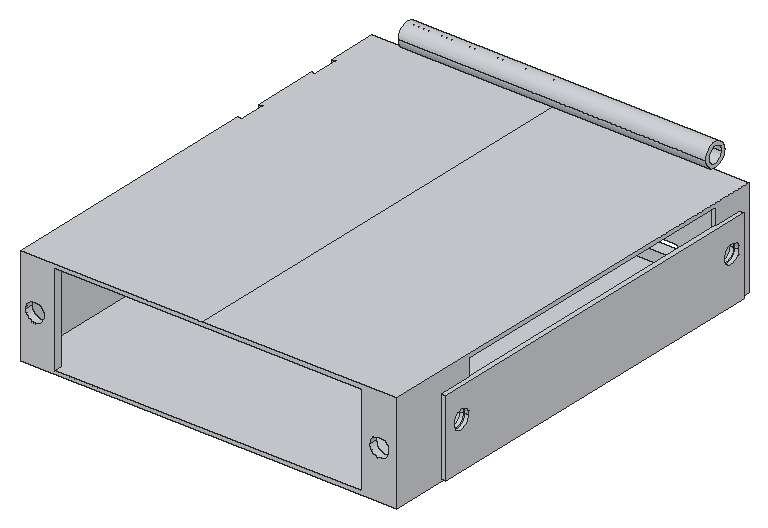
Revit family
Parameters
  Material ID = "760172288"
  Description = "PMB-EMT-BK/2P-PNL"
Reference planes (in)
  plane 1 "Center (Front/Back)": y = 0
  plane 2: z = 0
  plane 3 "Center (Left/Right)": x = 0
Forms (in)
  Extrusion 1, solid, not visible
    sketch origin (0, -14.305, 0) x (1, 0, 0) y (0, 0, 1)
      loop
        line (-8.5516, 0.86) -> (-8.5516, 0.46) -> (-7.9516, 0.46) -> (-7.9516, 0.86) -> (-8.5516, 0.86)
    from 0 to 0.77696
  Extrusion 2, solid
    sketch origin (0, 0, 0) x (1, 0, 0) y (0, 0, 1)
      loop
        line (0, 0.676) -> (-2.474, 0.676) -> (-2.474, -0.676) -> (2.656, -0.676) -> (2.656, 0.676) -> (0, 0.676)
    from 0 to 6
  Extrusion 3, void
    sketch origin (0, 0, 0) x (1, 0, 0) y (0, 0, 1)
      loop
        line (-2.424, 0.626) -> (-2.424, -0.626) -> (2.606, -0.626) -> (2.606, 0.626) -> (-2.424, 0.626)
    from 0.1775 to 5.89614
  Extrusion 4, void
    sketch origin (0, 0, 0) x (1, 0, 0) y (0, 0, 1)
      loop
        line (-2.006, 0.626) -> (-2.006, -0.626) -> (2.188, -0.626) -> (2.188, 0.626) -> (-2.006, 0.626)
    from 0.1775 to 12
  Extrusion 5, void
    sketch origin (0, 0, 0) x (0, 1, 0) y (0, 0, 1)
      loop
        line (-4.757, 0.626) -> (-4.757, -0.626) -> (-0.56, -0.626) -> (-0.56, 0.626) -> (-4.757, 0.626)
    from 0 to 12
  Extrusion 6, void
    sketch origin (0, 0, 0) x (1, 0, 0) y (0, 0, 1)
      loop
        circle (-2.27133, -0.01086) r 0.13
      loop
        circle (2.42744, -0.01086) r 0.13
    from 2.86085 to 12
  Extrusion 7, void
    sketch origin (0, 0, 0) x (0, 1, 0) y (0, 0, 1)
      loop
        circle (-4.97858, -0.01086) r 0.13
      loop
        circle (-0.37346, -0.01086) r 0.13
    from 0 to 12
  Extrusion 8, void
    sketch origin (0, 0, 0) x (0, 1, 0) y (0, 0, 1)
      loop
        line (-0.68174, 0.55103) -> (-0.68174, 0.676) -> (-1.03272, 0.676) -> (-1.03272, 0.55103)
        arc (-1.03272, 0.55103) -> (-0.85723, -0.567) -> (-0.68174, 0.55103) r 0.57279
      loop
        line (-1.93603, 0.55103) -> (-1.93603, 0.676) -> (-2.28701, 0.676) -> (-2.28701, 0.55103)
        arc (-2.28701, 0.55103) -> (-2.11152, -0.567) -> (-1.93603, 0.55103) r 0.57279
    from -4.14255 to -2.424
  Extrusion 9, void
    sketch origin (0, 0, 0) x (1, 0, 0) y (0, 0, 1)
      loop
        circle (2.24054, 0.47282) r 0.07762
      loop
        circle (0.16292, 0.47282) r 0.07762
      loop
        circle (-2.05854, 0.47282) r 0.07762
    from 0 to 4.757
  Extrusion 10, void
    sketch origin (0, 0, 0) x (1, 0, 0) y (0, 0, 1)
      loop
        line (1.83816, 0.08029) -> (1.08816, 0.08029) -> (1.08816, -0.48175) -> (1.83816, -0.48175) -> (1.83816, -0.29106) -> (1.47685, -0.29106) -> (1.47685, -0.37135) -> (1.35641, -0.37135) -> (1.35641, -0.04015) -> (1.47685, -0.04015) -> (1.47685, -0.13047) -> (1.83816, -0.13047) -> (1.83816, 0.08029)
      loop
        line (-0.93014, 0.08029) -> (-1.68014, 0.08029) -> (-1.68014, -0.48175) -> (-0.93014, -0.48175) -> (-0.93014, -0.29106) -> (-1.29145, -0.29106) -> (-1.29145, -0.37135) -> (-1.41189, -0.37135) -> (-1.41189, -0.04015) -> (-1.29145, -0.04015) -> (-1.29145, -0.13047) -> (-0.93014, -0.13047) -> (-0.93014, 0.08029)
    from 0 to 3.73078
  Extrusion 11, solid
    sketch origin (0, 0, 0) x (0, 1, 0) y (0, 0, 1)
      loop
        circle (0.01857, 0.84237) r 0.15779
      loop
        circle (0.01857, 0.84237) r 0.11186
    from -2.006 to 2.188
  Extrusion 12, solid
    sketch origin (0, 0, 0) x (0, 1, 0) y (0, 0, 1)
      loop
        line (-5.25, 0.39965) -> (-5.25, -0.64712) -> (-0.15946, -0.64712) -> (-0.15946, 0.39965) -> (-5.25, 0.39965)
    from 2.656 to 2.72389
  Extrusion 13, void
    sketch origin (0, 0, 0) x (0, 1, 0) y (0, 0, 1)
      loop
        circle (-4.97858, -0.01086) r 0.13
      loop
        circle (-0.37346, -0.01086) r 0.13
    from 0 to 12
Cuts and joins
  Extrusion 3, Extrusion 4, Extrusion 5, Extrusion 6, Extrusion 7, Extrusion 8, Extrusion 9, Extrusion 10, Extrusion 13 cuts Extrusion 2
  Extrusion 13 cuts Extrusion 12
